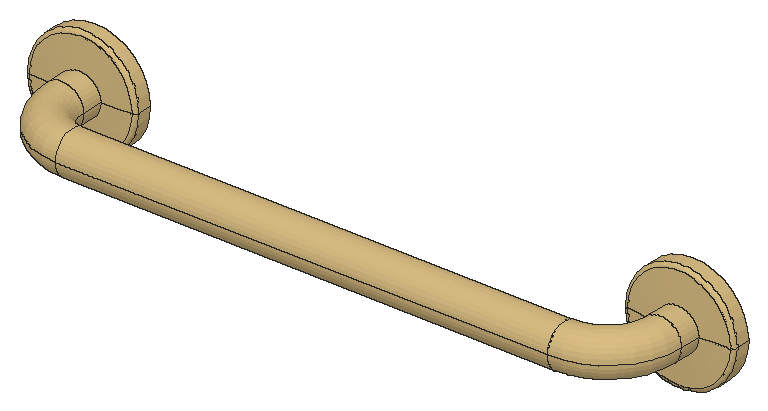
Revit family "RBA4805-Straight-Series", category Plumbing Fixtures, Revit 2021
Family settings
  Round Connector Dimension = Use Diameter
  Part Type = Normal
  Work Plane-Based = No
  Always vertical = Yes
  Cut with Voids When Loaded = No
  Shared = No
  Room Calculation Point = No
Parameters (values of type "RBA4805-045")
  Watermarked By = "www.rba.com.au"
  URL = "www.rba.com.au"
  Phone Number = ""
  OFFSET [instance] = 800 mm
  Modified Issue = "20191004.01"
  Model = "RBA4000-045"
  Materials and Finishes = Brushed Brass
  Manufacturer = "RBA Group"  # constant formula
  Lgth = 450 mm
  Diameter = 32 mm
  Description = "Straight Grab Rail 450mm"
  Default Elevation = 0 mm
  Copyright by = "RBA Group"  # constant formula
Types (9, lengths in mm): name | URL | Phone Number | Modified Issue | Model | Lgth | Description
  RBA4805-030 | "www.rba.com.au" | "" | "20190510.1" | "RBA4000-030" | 300 | "Straight Grab Rail 300mm"
  RBA4805-045 | "www.rba.com.au" | "" | "20191004.01" | "RBA4000-045" | 450 | "Straight Grab Rail 450mm"
  RBA4805-060 | "www.rba.com.au" | "" | "20191004.01" | "RBA4801-Straight-Series" | 600 | "RTA SSS Straight Grabrail"
  RBA4805-070 | "www.rba.com.au" | "" | "20191004.01" | "RBA4000-075" | 700 | "Straight Grab Rail 750mm"
  RBA4805-090 | "www.rba.com.au" | "" | "20191004.01" | "RBA4000-090" | 900 | "Straight Grab Rail 900mm"
  RBA4805-080 | "http://www.rba.com.au/accessible-disabled/grab-rails" | "1300 788 778" | "20191004.01" | "RBA4000-080" | 800 | "Straight Grab Rail 800mm"
  RBA4805-100 | "http://www.rba.com.au/accessible-disabled/grab-rails" | "1300 788 778" | "20191004.01" | "RBA4000-100" | 1000 | "Straight Grab Rail 1000mm"
  RBA4805-120 | "http://www.rba.com.au/accessible-disabled/grab-rails" | "1300 788 778" | "20191004.01" | "RBA4000-120" | 1200 | "Straight Grab Rail 1200mm"
  RBA4805-040 | "www.rba.com.au" | "" | "20191108.1" | "RBA4000-040" | 400 | "Straight Grab Rail 400mm"
Reference planes
  plane 1 "Center (Front/Back)": y = 0
  plane 2: z = 0
  plane 3 "Center (Left/Right)": x = 0
  plane 4: x = 0
  plane 5: x = 0
  plane 6: y = -57
  plane 7: y = -89
  plane 8: x = 450
  plane 9: z = 16
  plane 10: z = -16
Forms (mm)
  Sweep 1, solid, material "Brushed Brass" <- "Materials and Finishes"
    path origin (-273.954, -750, 0) x (0, -1, 0) y (1, 0, 0)
      loop
        line (-740, 723.954) -> (-719, 723.954)
        arc (-719, 723.954) -> (-690.716, 712.239) -> (-679, 683.954) r 40
        line (-679, 683.954) -> (-679, 313.954)
        arc (-679, 313.954) -> (-690.716, 285.67) -> (-719, 273.954) r 40
        line (-719, 273.954) -> (-740, 273.954)
    profile origin (225, -71, 0) x (0, -1, 0) y (0, 0, 1)
      loop
        circle (0, 0) r 16
  Extrusion 2, solid, material "Brushed Brass" <- "Materials and Finishes"
    sketch origin (62.5, -2.628, -315.907) x (0, 0, 1) y (1, 0, 0)
      loop
        circle (315.907, -62.5) r 40
    from -0.206 to 2.628
  Revolve 3, solid, material "Brushed Brass" <- "Materials and Finishes"
    sketch origin (62.5, 18.663, 0) x (-1, 0, 0) y (0, -1, 0)
      loop
        line (62.5, 18.663) -> (104, 18.663) -> (104, 28.968)
        arc (104, 28.968) -> (103.207, 31.014) -> (101.243, 31.992) r 3.037
        arc (101.243, 31.992) -> (81.892, 33.334) -> (62.5, 33.781) r 420.249
        line (62.5, 33.781) -> (62.5, 18.663)
      axis (62.5, 18.663) -> (62.5, 33.781)
    angle from 0 to 360
  Extrusion 4, void
    sketch origin (62.704, 34.941, -270.785) x (-0.515038, 0, 0.857167) y (0.857167, 0, 0.515038)
      loop
        circle (248.952, 111.432) r 4.75
      loop
        circle (279.854, 60.002) r 4.75
    from -37.775 to -34.941
  Extrusion 5, solid, material "Brushed Brass" <- "Materials and Finishes"
    sketch origin (237.5, -2.628, -315.907) x (0, 0, 1) y (1, 0, 0)
      loop
        circle (315.907, 212.5) r 40
    from -0.206 to 2.628
  Revolve 6, solid, material "Brushed Brass" <- "Materials and Finishes"
    sketch origin (237.5, 18.663, 0) x (-1, 0, 0) y (0, -1, 0)
      loop
        line (-212.5, 18.663) -> (-212.5, 33.781)
        arc (-212.5, 33.781) -> (-231.892, 33.334) -> (-251.243, 31.992) r 420.249
        arc (-251.243, 31.992) -> (-253.207, 31.014) -> (-254, 28.968) r 3.037
        line (-254, 28.968) -> (-254, 18.663) -> (-212.5, 18.663)
      axis (-212.5, 18.663) -> (-212.5, 33.781)
    angle from 0 to 360
  Extrusion 7, void
    sketch origin (362.704, 34.941, -270.785) x (-0.515038, 0, 0.857167) y (0.857167, 0, 0.515038)
      loop
        circle (202.599, 188.577) r 4.75
      loop
        circle (171.696, 240.007) r 4.75
    from -37.775 to -34.941
Cuts and joins
  Extrusion 7 cuts Sweep 1
  Extrusion 4, Extrusion 7 cuts Extrusion 2
  Extrusion 4, Extrusion 7 cuts Revolve 3
  Extrusion 7 cuts Extrusion 5
  Extrusion 7 cuts Revolve 6
  joined: Sweep 1, Extrusion 2, Revolve 3, Extrusion 5, Revolve 6
Dimensions and locks
  "Lgth": plane 3 "Center (Left/Right)" to plane 8
  radius of Sweep 1 sketch curve = 16 mm
  aligned and locked: level to plane 2
  aligned and locked: Revolve 3 to Extrusion 2
  aligned and locked: Extrusion 2 to Extrusion 4
  aligned and locked: Revolve 6 to Extrusion 5
Automatic sketch dimensions
  Sweep 1 sketch curve to plane 8 = 0 mm
  Sweep 1 sketch curve to plane 3 "Center (Left/Right)" = 0 mm
  plane 6 to Sweep 1 sketch curve = 26 mm  (x2)
  Sweep 1 sketch curve to plane 6 = 14 mm
  plane 1 "Center (Front/Back)" to Sweep 1 sketch curve = 10 mm  (x2)
  Sweep 1 sketch curve to profile plane = 0 mm  (x2)
  Extrusion 2 sketch curve to level = 0 mm
  Extrusion 2 sketch curve to plane 3 "Center (Left/Right)" = 0 mm
  plane 1 "Center (Front/Back)" to Revolve 3 sketch curve = 0 mm
  Revolve 3 sketch curve to plane 3 "Center (Left/Right)" = 0 mm  (x2)
  plane 1 "Center (Front/Back)" to Revolve 3 sketch curve = 10.305 mm
  Revolve 3 sketch curve to plane 3 "Center (Left/Right)" = 38.463 mm
  Revolve 3 sketch curve to Revolve 3 sketch curve = 3.037 mm
  Revolve 3 sketch curve to plane 1 "Center (Front/Back)" = 405.131 mm
  Revolve 3 sketch curve to Revolve 3 sketch curve = 15.118 mm
  Revolve 3 sketch curve to plane 1 "Center (Front/Back)" = 21.537 mm
  Revolve 3 sketch curve to Revolve 3 sketch curve = 0 mm
  plane 6 to Revolve 3 sketch curve = 13.537 mm
  Extrusion 5 sketch curve to level = 0 mm
  plane 8 to Extrusion 5 sketch curve = 0 mm
  plane 1 "Center (Front/Back)" to Revolve 6 sketch curve = 0 mm
  Revolve 6 sketch curve to plane 8 = 0 mm  (x2)
  plane 1 "Center (Front/Back)" to Revolve 6 sketch curve = 10.305 mm
  Revolve 6 sketch curve to plane 8 = 38.463 mm
  Revolve 6 sketch curve to Revolve 6 sketch curve = 3.037 mm
  Revolve 6 sketch curve to plane 1 "Center (Front/Back)" = 405.131 mm
  Revolve 6 sketch curve to Revolve 6 sketch curve = 15.118 mm
  Revolve 6 sketch curve to plane 1 "Center (Front/Back)" = 21.537 mm
  Revolve 6 sketch curve to Revolve 6 sketch curve = 0 mm
  plane 6 to Revolve 6 sketch curve = 13.537 mm
  Extrusion 7 sketch curve to level = 0 mm  (x2)
  Extrusion 7 sketch curve to plane 8 = 30 mm
  Extrusion 7 sketch curve to Extrusion 7 sketch curve = 30.902 mm
  Extrusion 4 sketch curve to level = 0 mm  (x2)
  plane 3 "Center (Left/Right)" to Extrusion 4 sketch curve = 30 mm
  Extrusion 4 sketch curve to Extrusion 4 sketch curve = 30.902 mm
  radius of Extrusion 2 sketch curve = 40 mm
  radius of Extrusion 5 sketch curve = 40 mm
  radius of Extrusion 7 sketch curve = 4.75 mm  (x2)
  radius of Extrusion 4 sketch curve = 4.75 mm  (x2)
